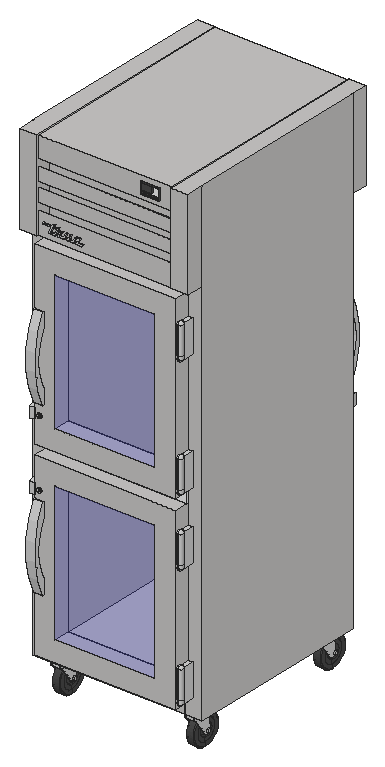
Revit family "QF_TRUE_STG1RPT-2HG-1G-HC", category Specialty Equipment, Revit 2012
Parameters
  Weight in Pounds = 0
  Watts = Volts * FL Amps  # 437 W
  Volts = 115 V
  URL Manufacturer = "www.truemfg.com"
  URL Cutsheet = "www.truemfg.com"
  URL = "www.truemfg.com"
  Type Mark [instance] = ""
  Type Comments = "www.truemfg.com"
  Status [instance] = ""
  Specification by User [instance] = ""
  Specification by Manufacturer = ""
  Show Seismic Flanged [instance] = no
  Show Logo [instance] = yes
  Show Legs [instance] = no
  Show Clearance [instance] = yes
  Serial Number = ""
  Seismic Rating = ""
  Seismic Plate [instance] = and(Show Seismic Flanged, not(Show Casters))  # no
  SMACNA No = ""
  Revision Code [instance] = ""
  Phase = 1
  Omniclass Number and Title = ""
  Number of Poles [instance] = 1
  NAFEM Spec ID Number = ""
  Model = "STG1RPT-2HG-1G-HC"
  Min Ckt Ampacity = 15 A
  Max Overcurrent Protection = 15 A
  MasterSpec. = ""
  Manufacturer = "TRUE FOOD SERVICE EQUIPMENT, INC."
  Length = 27 1/2"
  Legs [instance] = or(Show Legs, Show Seismic Flanged)  # no
  Item Number [instance] = ""
  Installed By [instance] = ""
  Identify Quantity as Lot [instance] = yes
  Height = 77 3/4"
  HP = "1/4"
  Furnished By [instance] = ""
  Foodservice Equipment Identifier [instance] = yes
  FL Amps = 3.8 A
  Electrical Remarks [instance] = ""
  Electric Connection Type [instance] = ""
  Elec Conn RI Height [instance] = 0"
  Elec Conn Connection Height [instance] = 0"
  Description = "PASS-THRU HALF GLASS FRONT/GLASS REAR SWING DOORS REFRIGERATOR WITH HYDROCARBON REFRIGERANT WITH LED LIGHTING"
  Depth = 36 1/8"
  Cycle = 60 Hz
  Conn Plug = "5-15P"
  Conn Conduit = yes
  Show Casters [instance] = and(not(if(Show Legs, Show Legs, Show Legs)), not(if(Show Legs, Show Legs, Show Seismic Flanged)))  # yes
  CSI MasterFormat = ""
  CSI Master Format = ""
  Apparent Power = if(Phase = 3, Volts * FL Amps * 1.73, Volts * FL Amps)  # 437 VA
Reference planes (in)
  plane 1: z = 0
  plane 2 "LEFT": x = 0
  plane 3 "RIGHT": x = 27.5
  plane 4 "FRONT": y = -33.75
  plane 5 "TOP": z = 84.125
  plane 6: z = 6.125
  plane 7: y = -33.7042
  plane 8: y = 2.375
  plane 9: y = -35.40625
  plane 10: y = 4.03125
  plane 11: y = -56.78125
  plane 12: y = 25.40625
Forms (in)
  Extrusion 1, solid, material "QF_Finishes_Stainless Steel"
    sketch origin (0.09687, 0, 0) x (1, 0, 0) y (0, 1, 0)
      loop
        line (-0.09687, -0.375) -> (-0.09687, -31) -> (2.7625, -31) -> (2.7625, -0.375) -> (-0.09687, -0.375)
    from 6.125 to 84.125
  Extrusion 2, solid, material "QF_Finishes_Stainless Steel"
    sketch origin (50.15, 0, 0) x (1, 0, 0) y (0, 1, 0)
      loop
        line (-25.50937, -0.375) -> (-25.50937, -31) -> (-22.65, -31) -> (-22.65, -0.375) -> (-25.50937, -0.375)
    from 6.125 to 84.125
  Extrusion 3, solid, material "QF_Finishes_Stainless Steel"
    sketch origin (0, 0, 0) x (0, 1, 0) y (0, 0, 1)
      loop
        line (-33.5625, 69.5) -> (-31, 69.5) -> (-31, 64.75) -> (-0.375, 64.75) -> (-0.375, 69.5) -> (2.1875, 69.5) -> (2.1875, 73.29302) -> (-0.15841, 71.625) -> (-0.15841, 72.90057) -> (2.1875, 74.56859) -> (2.1875, 76.6648) -> (-0.15841, 74.99678) -> (-0.15841, 75.95754) -> (2.1875, 77.62556) -> (2.1875, 79.75927) -> (-0.15841, 78.09125) -> (-0.15841, 79.21352) -> (2.1875, 80.88154) -> (2.1875, 84.125) -> (-33.5625, 84.125) -> (-33.5625, 80.68002) -> (-31.5, 79.21352) -> (-31.5, 78.09125) -> (-33.5625, 79.55776) -> (-33.5625, 77.42405) -> (-31.5, 75.95754) -> (-31.5, 74.99678) -> (-33.5625, 76.46328) -> (-33.5625, 74.36708) -> (-31.5, 72.90057) -> (-31.5, 71.625) -> (-33.5625, 73.09151) -> (-33.5625, 69.5)
      loop
        line (-31, 6.125) -> (-0.375, 6.125) -> (-0.375, 8.94743) -> (-31, 8.94743) -> (-31, 6.125)
    from 2.85938 to 24.64063
  Extrusion 4, solid, material "QF_Finishes_Stainless Steel"
    sketch origin (0.10531, 0, 0) x (1, 0, 0) y (0, 1, 0)
      loop
        line (27.34782, -31) -> (24.53532, -31) -> (24.53532, -33.75) -> (27.34782, -33.75) -> (27.34782, -31)
    from 69.5 to 84.125
  Extrusion 5, solid, material "QF_Finishes_Stainless Steel"
    sketch origin (-50.19421, 0, 0.25) x (1, 0, 0) y (0, 1, 0)
      loop
        line (53.05359, -31) -> (50.24109, -31) -> (50.24109, -33.75) -> (53.05359, -33.75) -> (53.05359, -31)
    from 69.25 to 83.875
  Extrusion 6, solid, material "QF_Finishes_Handrails and Railings", visible <- "Show Logo"
    sketch origin (0.33478, 1.08173, -6.73143) x (1, 0, 0) y (0, 0, 1)
      loop
        line (3.46044, 78.46231) -> (3.35478, 78.23573) -> (4.76027, 78.23573)
        arc (4.76027, 78.23573) -> (4.78879, 78.18528) -> (4.76027, 78.13484) r 0.05887
        line (4.76027, 78.13484) -> (4.39369, 77.34872)
        arc (4.39369, 77.34872) -> (4.39051, 77.27591) -> (4.43975, 77.22217) r 0.09523
        line (4.43975, 77.22217) -> (5.33844, 77.22217)
        arc (5.33844, 77.22217) -> (5.45192, 77.25795) -> (5.52436, 77.35235) r 0.19785
        line (5.52436, 77.35235) -> (5.81285, 77.97101) -> (6.0779, 77.97101)
        arc (6.0779, 77.97101) -> (6.14744, 77.94543) -> (6.13737, 77.87203) r 0.05911
        line (6.13737, 77.87203) -> (5.89598, 77.35437)
        arc (5.89598, 77.35437) -> (5.89974, 77.2684) -> (5.97231, 77.22217) r 0.09318
        line (5.97231, 77.22217) -> (6.76198, 77.22217)
        arc (6.76198, 77.22217) -> (6.82249, 77.24419) -> (6.85468, 77.29995) r 0.09412
        arc (6.85468, 77.29995) -> (6.87746, 77.24495) -> (6.93246, 77.22217) r 0.07778
        line (6.93246, 77.22217) -> (7.43246, 77.22217)
        arc (7.43246, 77.22217) -> (7.49022, 77.23765) -> (7.53251, 77.27993) r 0.11552
        arc (7.53251, 77.27993) -> (7.55275, 77.23106) -> (7.60162, 77.21081) r 0.06912
        line (7.60162, 77.21081) -> (8.31225, 77.21081)
        arc (8.31225, 77.21081) -> (8.37034, 77.23488) -> (8.39441, 77.29297) r 0.08216
        arc (8.39441, 77.29297) -> (8.44767, 77.23972) -> (8.52042, 77.22022) r 0.14551
        line (8.52042, 77.22022) -> (9.85158, 77.22022) -> (9.99946, 77.47634) -> (8.65678, 77.47634)
        arc (8.65678, 77.47634) -> (8.61972, 77.50204) -> (8.61834, 77.54711) r 0.05009
        line (8.61834, 77.54711) -> (8.64157, 77.59692)
        arc (8.64157, 77.59692) -> (8.67723, 77.64364) -> (8.73327, 77.66135) r 0.09747
        line (8.73327, 77.66135) -> (9.16485, 77.66135)
        arc (9.16485, 77.66135) -> (9.258, 77.68631) -> (9.32619, 77.7545) r 0.1863
        line (9.32619, 77.7545) -> (9.45119, 77.97101)
        arc (9.45119, 77.97101) -> (9.45119, 78.08657) -> (9.35111, 78.14434) r 0.11556
        line (9.35111, 78.14434) -> (8.89562, 78.14434)
        arc (8.89562, 78.14434) -> (8.7795, 78.12462) -> (8.69849, 78.03912) r 0.18605
        line (8.69849, 78.03912) -> (8.48204, 77.57493)
        arc (8.48204, 77.57493) -> (8.41815, 77.49167) -> (8.31806, 77.46011) r 0.1745
        line (8.31806, 77.46011) -> (7.84559, 77.46011)
        arc (7.84559, 77.46011) -> (7.78903, 77.52184) -> (7.79268, 77.60548) r 0.10939
        line (7.79268, 77.60548) -> (8.04395, 78.14434) -> (7.88403, 78.14434) -> (7.61781, 77.57344)
        arc (7.61781, 77.57344) -> (7.56609, 77.50603) -> (7.48505, 77.48048) r 0.14128
        line (7.48505, 77.48048) -> (7.15925, 77.48048)
        arc (7.15925, 77.48048) -> (7.10419, 77.55223) -> (7.116, 77.64189) r 0.11816
        line (7.116, 77.64189) -> (7.3503, 78.14434) -> (7.18514, 78.14434) -> (6.91546, 77.566)
        arc (6.91546, 77.566) -> (6.85285, 77.50339) -> (6.76733, 77.48048) r 0.17104
        line (6.76733, 77.48048) -> (6.29555, 77.48048)
        arc (6.29555, 77.48048) -> (6.21082, 77.51999) -> (6.20267, 77.61313) r 0.0935
        line (6.20267, 77.61313) -> (6.35774, 77.94569) -> (6.57695, 77.94569)
        arc (6.57695, 77.94569) -> (6.61395, 78.05717) -> (6.69267, 78.14434) r 0.2857
        line (6.69267, 78.14434) -> (5.83605, 78.14434)
        arc (5.83605, 78.14434) -> (5.74086, 78.12324) -> (5.67498, 78.05135) r 0.16212
        line (5.67498, 78.05135) -> (5.44279, 77.55341)
        arc (5.44279, 77.55341) -> (5.3894, 77.50002) -> (5.31647, 77.48048) r 0.14586
        line (5.31647, 77.48048) -> (4.80506, 77.48048)
        arc (4.80506, 77.48048) -> (4.76514, 77.53442) -> (4.77274, 77.60109) r 0.09155
        line (4.77274, 77.60109) -> (5.11018, 78.23573) -> (5.96155, 78.23573) -> (6.06721, 78.46231) -> (5.21584, 78.46231) -> (5.32149, 78.68888) -> (5.01862, 78.68888) -> (4.91297, 78.46231) -> (3.46044, 78.46231)
      loop
        arc (8.83805, 77.93863) -> (8.80119, 77.92875) -> (8.7742, 77.90176) r 0.07373
        line (8.7742, 77.90176) -> (8.75229, 77.83436)
        arc (8.75229, 77.83436) -> (8.76245, 77.80983) -> (8.78699, 77.79966) r 0.0347
        line (8.78699, 77.79966) -> (9.15948, 77.79966)
        arc (9.15948, 77.79966) -> (9.18632, 77.80561) -> (9.20812, 77.82234) r 0.0635
        line (9.20812, 77.82234) -> (9.22624, 77.90622)
        arc (9.22624, 77.90622) -> (9.22091, 77.92868) -> (9.20009, 77.93863) r 0.02676
        line (9.20009, 77.93863) -> (8.83805, 77.93863)
    from 34.64423 to 34.83173
  Extrusion 7, solid
    sketch origin (-25.125, 2.60721, 0) x (1, 0, 0) y (0, 0, 1)
      loop
        circle (49.375, 82) r 0.25
    from 0.23221 to 0.125
  Revolve 8, solid, material "QF_Finishes_Black", visible <- "Show Casters"
    sketch origin (22.65625, -27.375, 0) x (1, 0, 0) y (0, 0, 1)
      loop
        line (1.475, 5) -> (1.375, 4.9) -> (1.375, 4.29941) -> (1.53601, 4.29941) -> (1.53601, 3.54941) -> (1.375, 3.54941) -> (1.375, 2.79941) -> (0.975, 2.79941) -> (0.975, 2.5) -> (3.025, 2.5) -> (3.025, 2.79941) -> (2.62908, 2.79941) -> (2.62908, 3.54941) -> (2.46399, 3.54941) -> (2.46399, 4.29941) -> (2.62908, 4.29941) -> (2.62908, 4.89592) -> (2.525, 5) -> (1.475, 5)
      axis (3.025, 2.5) -> (0.975, 2.5)
    angle from 0 to 360
  Extrusion 9, solid, material "QF_Finishes_Handrails and Railings", visible <- "Show Casters"
    sketch origin (22.65625, 0, 0) x (0, 1, 0) y (0, 0, 1)
      loop
        line (-29.95136, 5.48574) -> (-29.95136, 4.88089) -> (-29.70136, 4.88089) -> (-27.95216, 2.18736)
        arc (-27.95216, 2.18736) -> (-27.23883, 1.94868) -> (-26.84581, 2.59003) r 0.60416
        line (-26.84581, 2.59003) -> (-27.20136, 5.48574) -> (-29.95136, 5.48574)
      loop
        line (-4.45145, 5.48574) -> (-4.45145, 4.88089) -> (-4.20145, 4.88089) -> (-2.45225, 2.18736)
        arc (-2.45225, 2.18736) -> (-1.73892, 1.94868) -> (-1.3459, 2.59003) r 0.60416
        line (-1.3459, 2.59003) -> (-1.70145, 5.48574) -> (-4.45145, 5.48574)
    from 1.175 to 1.325
  Extrusion 10, solid, material "QF_Finishes_Handrails and Railings", visible <- "Show Casters"
    sketch origin (24.15625, 0, 0) x (0, 1, 0) y (0, 0, 1)
      loop
        line (-29.95136, 5.48574) -> (-29.95136, 4.88089) -> (-29.70136, 4.88089) -> (-27.95216, 2.18736)
        arc (-27.95216, 2.18736) -> (-27.23883, 1.94868) -> (-26.84581, 2.59003) r 0.60416
        line (-26.84581, 2.59003) -> (-27.20136, 5.48574) -> (-29.95136, 5.48574)
      loop
        line (-4.45145, 5.48574) -> (-4.45145, 4.88089) -> (-4.20145, 4.88089) -> (-2.45225, 2.18736)
        arc (-2.45225, 2.18736) -> (-1.73892, 1.94868) -> (-1.3459, 2.59003) r 0.60416
        line (-1.3459, 2.59003) -> (-1.70145, 5.48574) -> (-4.45145, 5.48574)
    from 1.175 to 1.325
  Revolve 11, solid, material "QF_Finishes_Chrome - Satin", visible <- "Show Casters"
    sketch origin (22.65625, -28.5625, -0.5) x (1, 0, 0) y (0, 0, 1)
      loop
        line (2, 5.99546) -> (2, 6.62359) -> (0.70293, 6.62359) -> (0.70293, 5.99546) -> (2, 5.99546)
      axis (2, 5.99546) -> (2, 6.62359)
    angle from 0 to 360
  Revolve 12, solid, material "QF_Finishes_Chrome - Satin", visible <- "Legs"
    sketch origin (22.65625, -2.69102, 0) x (1, 0, 0) y (0, 0, 1)
      loop
        line (2, 6.125) -> (0.66662, 6.125) -> (1.25, 1) -> (1.5, 1) -> (1.5, 0) -> (2, 0) -> (2, 6.125)
      axis (2, 0) -> (2, 6.125)
    angle from 0 to 360
  Revolve 13, solid, material "QF_Finishes_Chrome - Satin", visible <- "Legs"
    sketch origin (22.65625, -28.5625, 0) x (1, 0, 0) y (0, 0, 1)
      loop
        line (2, 6.125) -> (0.66662, 6.125) -> (1.25, 1) -> (1.5, 1) -> (1.5, 0) -> (2, 0) -> (2, 6.125)
      axis (2, 0) -> (2, 6.125)
    angle from 0 to 360
  Revolve 14, solid, material "QF_Finishes_Chrome - Satin", visible <- "Show Casters"
    sketch origin (22.65625, -2.70321, -0.5) x (1, 0, 0) y (0, 0, 1)
      loop
        line (2, 5.99546) -> (2, 6.62359) -> (0.70293, 6.62359) -> (0.70293, 5.99546) -> (2, 5.99546)
      axis (2, 5.99546) -> (2, 6.62359)
    angle from 0 to 360
  Extrusion 15, solid, material "QF_Finishes_Handrails and Railings", visible <- "Show Casters"
    sketch origin (-25.125, 0, 0) x (0, 1, 0) y (0, 0, 1)
      loop
        line (-29.95136, 5.48574) -> (-29.95136, 4.88089) -> (-29.70136, 4.88089) -> (-27.16533, 5.19227) -> (-27.20136, 5.48574) -> (-29.95136, 5.48574)
      loop
        line (-4.45145, 5.48574) -> (-4.45145, 4.88089) -> (-4.20145, 4.88089) -> (-1.66542, 5.19227) -> (-1.70145, 5.48574) -> (-4.45145, 5.48574)
    from 49.10625 to 50.45625
  Revolve 16, solid, material "QF_Finishes_Black", visible <- "Show Casters"
    sketch origin (0.84375, -27.375, 0) x (1, 0, 0) y (0, 0, 1)
      loop
        line (1.475, 5) -> (1.375, 4.9) -> (1.375, 4.29941) -> (1.53601, 4.29941) -> (1.53601, 3.54941) -> (1.375, 3.54941) -> (1.375, 2.79941) -> (0.975, 2.79941) -> (0.975, 2.5) -> (3.025, 2.5) -> (3.025, 2.79941) -> (2.62908, 2.79941) -> (2.62908, 3.54941) -> (2.46399, 3.54941) -> (2.46399, 4.29941) -> (2.62908, 4.29941) -> (2.62908, 4.89592) -> (2.525, 5) -> (1.475, 5)
      axis (3.025, 2.5) -> (0.975, 2.5)
    angle from 0 to 360
  Extrusion 17, solid, material "QF_Finishes_Handrails and Railings", visible <- "Show Casters"
    sketch origin (0.84375, 0, 0) x (0, 1, 0) y (0, 0, 1)
      loop
        line (-29.95136, 5.48574) -> (-29.95136, 4.88089) -> (-29.70136, 4.88089) -> (-27.95216, 2.18736)
        arc (-27.95216, 2.18736) -> (-27.23883, 1.94868) -> (-26.84581, 2.59003) r 0.60416
        line (-26.84581, 2.59003) -> (-27.20136, 5.48574) -> (-29.95136, 5.48574)
      loop
        line (-4.45145, 5.48574) -> (-4.45145, 4.88089) -> (-4.20145, 4.88089) -> (-2.45225, 2.18736)
        arc (-2.45225, 2.18736) -> (-1.73892, 1.94868) -> (-1.3459, 2.59003) r 0.60416
        line (-1.3459, 2.59003) -> (-1.70145, 5.48574) -> (-4.45145, 5.48574)
    from 1.175 to 1.325
  Extrusion 18, solid, material "QF_Finishes_Handrails and Railings", visible <- "Show Casters"
    sketch origin (2.34375, 0, 0) x (0, 1, 0) y (0, 0, 1)
      loop
        line (-29.95136, 5.48574) -> (-29.95136, 4.88089) -> (-29.70136, 4.88089) -> (-27.95216, 2.18736)
        arc (-27.95216, 2.18736) -> (-27.23883, 1.94868) -> (-26.84581, 2.59003) r 0.60416
        line (-26.84581, 2.59003) -> (-27.20136, 5.48574) -> (-29.95136, 5.48574)
      loop
        line (-4.45145, 5.48574) -> (-4.45145, 4.88089) -> (-4.20145, 4.88089) -> (-2.45225, 2.18736)
        arc (-2.45225, 2.18736) -> (-1.73892, 1.94868) -> (-1.3459, 2.59003) r 0.60416
        line (-1.3459, 2.59003) -> (-1.70145, 5.48574) -> (-4.45145, 5.48574)
    from 1.175 to 1.325
  Revolve 19, solid, material "QF_Finishes_Chrome - Satin", visible <- "Show Casters"
    sketch origin (0.84375, -28.5625, -0.5) x (1, 0, 0) y (0, 0, 1)
      loop
        line (2, 5.99546) -> (2, 6.62359) -> (0.70293, 6.62359) -> (0.70293, 5.99546) -> (2, 5.99546)
      axis (2, 5.99546) -> (2, 6.62359)
    angle from 0 to 360
  Revolve 20, solid, material "QF_Finishes_Chrome - Satin", visible <- "Legs"
    sketch origin (0.84375, -2.69102, 0) x (1, 0, 0) y (0, 0, 1)
      loop
        line (2, 6.125) -> (0.66662, 6.125) -> (1.25, 1) -> (1.5, 1) -> (1.5, 0) -> (2, 0) -> (2, 6.125)
      axis (2, 0) -> (2, 6.125)
    angle from 0 to 360
  Revolve 21, solid, material "QF_Finishes_Chrome - Satin", visible <- "Legs"
    sketch origin (0.84375, -28.5625, 0) x (1, 0, 0) y (0, 0, 1)
      loop
        line (2, 6.125) -> (0.66662, 6.125) -> (1.25, 1) -> (1.5, 1) -> (1.5, 0) -> (2, 0) -> (2, 6.125)
      axis (2, 0) -> (2, 6.125)
    angle from 0 to 360
  Revolve 22, solid, material "QF_Finishes_Chrome - Satin", visible <- "Show Casters"
    sketch origin (0.84375, -2.70321, -0.5) x (1, 0, 0) y (0, 0, 1)
      loop
        line (2, 5.99546) -> (2, 6.62359) -> (0.70293, 6.62359) -> (0.70293, 5.99546) -> (2, 5.99546)
      axis (2, 5.99546) -> (2, 6.62359)
    angle from 0 to 360
  Extrusion 23, solid, material "QF_Finishes_Handrails and Railings", visible <- "Show Casters"
    sketch origin (-46.9375, 0, 0) x (0, 1, 0) y (0, 0, 1)
      loop
        line (-29.95136, 5.48574) -> (-29.95136, 4.88089) -> (-29.70136, 4.88089) -> (-27.16533, 5.19227) -> (-27.20136, 5.48574) -> (-29.95136, 5.48574)
      loop
        line (-4.45145, 5.48574) -> (-4.45145, 4.88089) -> (-4.20145, 4.88089) -> (-1.66542, 5.19227) -> (-1.70145, 5.48574) -> (-4.45145, 5.48574)
    from 49.10625 to 50.45625
  Extrusion 24, solid, material "QF_Finishes_Stainless Steel"
    sketch origin (-25.125, -31.7042, -0.71875) x (1, 0, 0) y (0, 0, -1)
      loop
        line (27.40625, -68.6875) -> (50.34375, -68.6875) -> (50.34375, -8.75) -> (27.40625, -8.75) -> (27.40625, -68.6875)
      loop
        line (47, -12.09375) -> (30.75, -12.09375) -> (30.75, -65.34375) -> (47, -65.34375) -> (47, -12.09375)
    from 31.3292 to 33.8917
  Extrusion 25, solid, material "Glass"
    sketch origin (-25.125, -31.7042, -0.71875) x (1, 0, 0) y (0, 0, -1)
      loop
        line (47, -12.09375) -> (30.75, -12.09375) -> (30.75, -65.34375) -> (47, -65.34375) -> (47, -12.09375)
    from 31.3292 to 33.8917
  Extrusion 26, solid, material "QF_Finishes_Stainless Steel"
    sketch origin (0.10531, -31.3292, 0) x (1, 0, 0) y (0, 1, 0)
      loop
        line (27.34782, 30.9542) -> (27.34782, 33.7042) -> (24.53532, 33.7042) -> (24.53532, 30.9542) -> (27.34782, 30.9542)
    from 69.5 to 84.125
  Extrusion 27, solid, material "QF_Finishes_Stainless Steel"
    sketch origin (-50.19421, -31.3292, 0.25) x (1, 0, 0) y (0, 1, 0)
      loop
        line (53.05359, 30.625) -> (53.05359, 33.7042) -> (50.24109, 33.7042) -> (50.24109, 30.625) -> (53.05359, 30.625)
    from 69.25 to 83.875
  Extrusion 28, solid, material "QF_Finishes_Handrails and Railings"
    sketch origin (1.28125, -31.10979, 0) x (0, -1, 0) y (0, 0, -1)
      loop
        line (-30.73479, -64.55229) -> (-30.73479, -59.23627) -> (-32.875, -59.23627) -> (-32.875, -59.94848) -> (-32.43997, -59.94848) -> (-32.43997, -64.34776)
        arc (-32.43997, -64.34776) -> (-32.38006, -64.49238) -> (-32.23544, -64.55229) r 0.20453
        line (-32.23544, -64.55229) -> (-30.73479, -64.55229)
    from 0.17506 to 1
  Revolve 29, solid, material "QF_Finishes_Handrails and Railings"
    sketch origin (1.78125, -31.10979, 0) x (0, -1, 0) y (0, 0, -1)
      loop
        line (-32.89063, -60.00189) -> (-33.29729, -60.00189) -> (-33.29729, -64.4736)
        arc (-33.29729, -64.4736) -> (-33.16222, -64.72557) -> (-32.89063, -64.81483) r 0.3848
        line (-32.89063, -64.81483) -> (-32.89063, -60.00189)
      loop
        line (-32.89063, -59.94848) -> (-32.89063, -59.04781)
        arc (-32.89063, -59.04781) -> (-33.15764, -59.13383) -> (-33.29729, -59.37712) r 0.38884
        line (-33.29729, -59.37712) -> (-33.29729, -59.94848) -> (-32.89063, -59.94848)
      axis (-32.89063, -59.04781) -> (-32.89063, -64.81483)
    angle from 0 to 360
  Extrusion 30, solid, material "QF_Finishes_Handrails and Railings"
    sketch origin (-0.03125, -31.44079, 0) x (1, 0, 0) y (0, 0, -1)
      loop
        line (1.91491, -64.4736) -> (2.3125, -64.4736) -> (2.3125, -60.00079) -> (1.91491, -60.00079) -> (1.91491, -64.4736)
    from 32.81497 to 33.59495
  Extrusion 31, solid, material "QF_Finishes_Handrails and Railings"
    sketch origin (1.28125, -31.10979, -19.5) x (0, -1, 0) y (0, 0, -1)
      loop
        line (-30.73479, -64.55229) -> (-30.73479, -59.23627) -> (-32.875, -59.23627) -> (-32.875, -59.94848) -> (-32.43997, -59.94848) -> (-32.43997, -64.34776)
        arc (-32.43997, -64.34776) -> (-32.38006, -64.49238) -> (-32.23544, -64.55229) r 0.20453
        line (-32.23544, -64.55229) -> (-30.73479, -64.55229)
    from 0.17506 to 1
  Revolve 32, solid, material "QF_Finishes_Handrails and Railings"
    sketch origin (1.78125, -31.10979, -19.5) x (0, -1, 0) y (0, 0, -1)
      loop
        line (-32.89063, -60.00189) -> (-33.29729, -60.00189) -> (-33.29729, -64.4736)
        arc (-33.29729, -64.4736) -> (-33.16222, -64.72557) -> (-32.89063, -64.81483) r 0.3848
        line (-32.89063, -64.81483) -> (-32.89063, -60.00189)
      loop
        line (-32.89063, -59.94848) -> (-32.89063, -59.04781)
        arc (-32.89063, -59.04781) -> (-33.15764, -59.13383) -> (-33.29729, -59.37712) r 0.38884
        line (-33.29729, -59.37712) -> (-33.29729, -59.94848) -> (-32.89063, -59.94848)
      axis (-32.89063, -59.04781) -> (-32.89063, -64.81483)
    angle from 0 to 360
  Extrusion 33, solid, material "QF_Finishes_Handrails and Railings"
    sketch origin (-0.03125, -31.44079, -19.5) x (1, 0, 0) y (0, 0, -1)
      loop
        line (1.91491, -64.4736) -> (2.3125, -64.4736) -> (2.3125, -60.00189) -> (1.91491, -60.00189) -> (1.91491, -64.4736)
    from 32.81497 to 33.59495
  Extrusion 34, solid, material "QF_Finishes_Handrails and Railings"
    sketch origin (1.28125, -31.10979, -30.5) x (0, -1, 0) y (0, 0, -1)
      loop
        line (-30.73479, -64.55229) -> (-30.73479, -59.23627) -> (-32.875, -59.23627) -> (-32.875, -59.94848) -> (-32.43997, -59.94848) -> (-32.43997, -64.34776)
        arc (-32.43997, -64.34776) -> (-32.38006, -64.49238) -> (-32.23544, -64.55229) r 0.20453
        line (-32.23544, -64.55229) -> (-30.73479, -64.55229)
    from 0.17506 to 1
  Revolve 35, solid, material "QF_Finishes_Handrails and Railings"
    sketch origin (1.78125, -31.10979, -30.5) x (0, -1, 0) y (0, 0, -1)
      loop
        line (-32.89063, -60.00189) -> (-33.29729, -60.00189) -> (-33.29729, -64.4736)
        arc (-33.29729, -64.4736) -> (-33.16222, -64.72557) -> (-32.89063, -64.81483) r 0.3848
        line (-32.89063, -64.81483) -> (-32.89063, -60.00189)
      loop
        line (-32.89063, -59.94848) -> (-32.89063, -59.04781)
        arc (-32.89063, -59.04781) -> (-33.15764, -59.13383) -> (-33.29729, -59.37712) r 0.38884
        line (-33.29729, -59.37712) -> (-33.29729, -59.94848) -> (-32.89063, -59.94848)
      axis (-32.89063, -59.04781) -> (-32.89063, -64.81483)
    angle from 0 to 360
  Extrusion 36, solid, material "QF_Finishes_Handrails and Railings"
    sketch origin (-0.03125, -31.40745, -30.5) x (1, 0, 0) y (0, 0, -1)
      loop
        line (1.91491, -64.4736) -> (2.3125, -64.4736) -> (2.3125, -60.00079) -> (1.91491, -60.00079) -> (1.91491, -64.4736)
    from 32.81497 to 33.59495
  Extrusion 37, solid, material "QF_Finishes_Handrails and Railings"
    sketch origin (1.28125, -31.10979, -50.25) x (0, -1, 0) y (0, 0, -1)
      loop
        line (-30.73479, -64.55229) -> (-30.73479, -59.19743) -> (-32.875, -59.19743) -> (-32.875, -59.94848) -> (-32.43997, -59.94848) -> (-32.43997, -64.34776)
        arc (-32.43997, -64.34776) -> (-32.38006, -64.49238) -> (-32.23544, -64.55229) r 0.20453
        line (-32.23544, -64.55229) -> (-30.73479, -64.55229)
    from 0.17506 to 1
  Revolve 38, solid, material "QF_Finishes_Handrails and Railings"
    sketch origin (1.78125, -31.10979, -50.25) x (0, -1, 0) y (0, 0, -1)
      loop
        line (-32.89063, -60.00189) -> (-33.29729, -60.00189) -> (-33.29729, -64.4736)
        arc (-33.29729, -64.4736) -> (-33.16222, -64.72557) -> (-32.89063, -64.81483) r 0.3848
        line (-32.89063, -64.81483) -> (-32.89063, -60.00189)
      loop
        line (-32.89063, -59.94848) -> (-32.89063, -59.04781)
        arc (-32.89063, -59.04781) -> (-33.15764, -59.13383) -> (-33.29729, -59.37712) r 0.38884
        line (-33.29729, -59.37712) -> (-33.29729, -59.94848) -> (-32.89063, -59.94848)
      axis (-32.89063, -59.04781) -> (-32.89063, -64.81483)
    angle from 0 to 360
  Extrusion 39, solid, material "QF_Finishes_Handrails and Railings"
    sketch origin (-0.03125, -31.42412, -50.25) x (1, 0, 0) y (0, 0, -1)
      loop
        line (1.91491, -64.4736) -> (2.3125, -64.4736) -> (2.3125, -60.00079) -> (1.91491, -60.00079) -> (1.91491, -64.4736)
    from 32.81497 to 33.59495
  Extrusion 40, solid, material "QF_Finishes_Handrails and Railings"
    sketch origin (35.93981, -31.125, 93.525) x (0, -1, 0) y (0, 0, 1)
      loop
        line (-33.3125, -54.15) -> (-33.3125, -51.75487)
        arc (-33.3125, -51.75487) -> (-34.68686, -47.2125) -> (-33.3125, -42.67014) r 8.19361
        line (-33.3125, -42.67014) -> (-33.3125, -40.275) -> (-33.51517, -40.275)
        arc (-33.51517, -40.275) -> (-35.15628, -47.2125) -> (-33.51517, -54.15) r 15.48411
        line (-33.51517, -54.15) -> (-33.3125, -54.15)
    from 10.87731 to 12.37731
  Extrusion 41, solid, material "QF_Finishes_Handrails and Railings"
    sketch origin (50.84375, -31.3125, -2.0625) x (-1, 0, 0) y (0, 0, 1)
      loop
        circle (26.4375, 40.0625) r 0.35
      loop
        line (26.47265, 40.33635) -> (26.41715, 40.33635) -> (26.41715, 39.76895) -> (26.47265, 39.76895) -> (26.47265, 40.33635)
    from 33.5 to 33.5625
  Blend 42, solid, material "QF_Finishes_Handrails and Railings"
    base sketch origin (-0.03125, -31.7042, -0.0625) x (1, 0, 0) y (0, 0, -1)
      loop
        line (25.25, -38.99169) -> (26, -38.99169) -> (26, -37.24169) -> (25.25, -37.24169) -> (25.25, -38.99169)
    top sketch origin (-0.03125, -31.7042, -0.0625) x (1, 0, 0) y (0, 0, -1)
      loop
        line (26.18223, -36.6441) -> (25.25, -36.6441) -> (25.25, -39.42643) -> (26.18223, -39.42643) -> (26.18223, -36.6441)
    from 33.8917 to 31.3292
  Extrusion 43, solid, material "QF_Finishes_Stainless Steel"
    sketch origin (-25.125, 0, -0.8125) x (1, 0, 0) y (0, 0, 1)
      loop
        line (50.34375, 37.96875) -> (27.40625, 37.96875) -> (27.40625, 8.84375) -> (50.34375, 8.84375) -> (50.34375, 37.96875)
      loop
        line (50.34375, 68.78125) -> (27.40625, 68.78125) -> (27.40625, 39.65625) -> (50.34375, 39.65625) -> (50.34375, 68.78125)
      loop
        line (47, 65.4375) -> (30.75, 65.4375) -> (30.75, 43) -> (47, 43) -> (47, 65.4375)
      loop
        line (47, 34.625) -> (30.75, 34.625) -> (30.75, 12.1875) -> (47, 12.1875) -> (47, 34.625)
    from 31 to 33.5625
  Extrusion 44, solid, material "QF_Finishes_Handrails and Railings"
    sketch origin (-8.53356, -0.25, 98.9375) x (0, 1, 0) y (0, 0, 1)
      loop
        line (-33.3125, -53.875) -> (-33.3125, -51.49649)
        arc (-33.3125, -51.49649) -> (-34.64003, -47.075) -> (-33.3125, -42.65351) r 8.0269
        line (-33.3125, -42.65351) -> (-33.3125, -40.275) -> (-33.5247, -40.275)
        arc (-33.5247, -40.275) -> (-35.15626, -47.075) -> (-33.5247, -53.875) r 14.98625
        line (-33.5247, -53.875) -> (-33.3125, -53.875)
    from 10.87731 to 12.37731
  Extrusion 45, solid, material "QF_Finishes_Handrails and Railings"
    sketch origin (-23.34375, 0.10979, 3.15625) x (1, 0, 0) y (0, 0, 1)
      loop
        circle (26.4375, 40.0625) r 0.35
      loop
        line (26.47265, 40.33635) -> (26.41715, 40.33635) -> (26.41715, 39.76895) -> (26.47265, 39.76895) -> (26.47265, 40.33635)
    from 33.67229 to 33.73479
  Blend 46, solid, material "QF_Finishes_Handrails and Railings"
    base sketch origin (27.53125, 0.10979, 5.15625) x (-1, 0, 0) y (0, 0, -1)
      loop
        line (25.25, -38.99169) -> (26, -38.99169) -> (26, -37.24169) -> (25.25, -37.24169) -> (25.25, -38.99169)
    top sketch origin (27.53125, 0.10979, 5.15625) x (-1, 0, 0) y (0, 0, -1)
      loop
        line (26.18223, -36.6441) -> (25.25, -36.6441) -> (25.25, -39.42643) -> (26.18223, -39.42643) -> (26.18223, -36.6441)
    from 33.67229 to 31.10979
  Extrusion 47, solid, material "QF_Finishes_Handrails and Railings"
    sketch origin (26.21875, 0.10979, -0.09375) x (0, 1, 0) y (0, 0, -1)
      loop
        line (-31.10979, -64.55229) -> (-31.10979, -59.23627) -> (-33.25, -59.23627) -> (-33.25, -59.94848) -> (-32.81497, -59.94848) -> (-32.81497, -64.34776)
        arc (-32.81497, -64.34776) -> (-32.75506, -64.49238) -> (-32.61044, -64.55229) r 0.20453
        line (-32.61044, -64.55229) -> (-31.10979, -64.55229)
    from 0.17506 to 1
  Revolve 48, solid, material "QF_Finishes_Handrails and Railings"
    sketch origin (25.71875, 0.10979, -0.09375) x (0, 1, 0) y (0, 0, -1)
      loop
        line (-33.26563, -60.00189) -> (-33.67229, -60.00189) -> (-33.67229, -64.4736)
        arc (-33.67229, -64.4736) -> (-33.53722, -64.72557) -> (-33.26563, -64.81483) r 0.3848
        line (-33.26563, -64.81483) -> (-33.26563, -60.00189)
      loop
        line (-33.26563, -59.94848) -> (-33.26563, -59.04781)
        arc (-33.26563, -59.04781) -> (-33.53264, -59.13383) -> (-33.67229, -59.37712) r 0.38884
        line (-33.67229, -59.37712) -> (-33.67229, -59.94848) -> (-33.26563, -59.94848)
      axis (-33.26563, -59.04781) -> (-33.26563, -64.81483)
    angle from 0 to 360
  Extrusion 49, solid, material "QF_Finishes_Handrails and Railings"
    sketch origin (27.53125, 0.10979, -0.09375) x (-1, 0, 0) y (0, 0, -1)
      loop
        line (1.91491, -64.4736) -> (2.3125, -64.4736) -> (2.3125, -60.00079) -> (1.91491, -60.00079) -> (1.91491, -64.4736)
    from 32.81497 to 33.59495
  Extrusion 50, solid, material "QF_Finishes_Handrails and Railings"
    sketch origin (26.21875, 0.10979, -19.59375) x (0, 1, 0) y (0, 0, -1)
      loop
        line (-31.10979, -64.55229) -> (-31.10979, -59.23627) -> (-33.25, -59.23627) -> (-33.25, -59.94848) -> (-32.81497, -59.94848) -> (-32.81497, -64.34776)
        arc (-32.81497, -64.34776) -> (-32.75506, -64.49238) -> (-32.61044, -64.55229) r 0.20453
        line (-32.61044, -64.55229) -> (-31.10979, -64.55229)
    from 0.17506 to 1
  Revolve 51, solid, material "QF_Finishes_Handrails and Railings"
    sketch origin (25.71875, 0.10979, -19.59375) x (0, 1, 0) y (0, 0, -1)
      loop
        line (-33.26563, -60.00189) -> (-33.67229, -60.00189) -> (-33.67229, -64.4736)
        arc (-33.67229, -64.4736) -> (-33.53722, -64.72557) -> (-33.26563, -64.81483) r 0.3848
        line (-33.26563, -64.81483) -> (-33.26563, -60.00189)
      loop
        line (-33.26563, -59.94848) -> (-33.26563, -59.04781)
        arc (-33.26563, -59.04781) -> (-33.53264, -59.13383) -> (-33.67229, -59.37712) r 0.38884
        line (-33.67229, -59.37712) -> (-33.67229, -59.94848) -> (-33.26563, -59.94848)
      axis (-33.26563, -59.04781) -> (-33.26563, -64.81483)
    angle from 0 to 360
  Extrusion 52, solid, material "QF_Finishes_Handrails and Railings"
    sketch origin (27.53125, 0.10979, -19.59375) x (-1, 0, 0) y (0, 0, -1)
      loop
        line (1.91491, -64.4736) -> (2.3125, -64.4736) -> (2.3125, -60.00079) -> (1.91491, -60.00079) -> (1.91491, -64.4736)
    from 32.81497 to 33.59495
  Extrusion 53, solid, material "QF_Finishes_Handrails and Railings"
    sketch origin (26.21875, 0.10979, -30.59375) x (0, 1, 0) y (0, 0, -1)
      loop
        line (-31.10979, -64.55229) -> (-31.10979, -59.23627) -> (-33.25, -59.23627) -> (-33.25, -59.94848) -> (-32.81497, -59.94848) -> (-32.81497, -64.34776)
        arc (-32.81497, -64.34776) -> (-32.75506, -64.49238) -> (-32.61044, -64.55229) r 0.20453
        line (-32.61044, -64.55229) -> (-31.10979, -64.55229)
    from 0.17506 to 1
  Revolve 54, solid, material "QF_Finishes_Handrails and Railings"
    sketch origin (25.71875, 0.10979, -30.59375) x (0, 1, 0) y (0, 0, -1)
      loop
        line (-33.26563, -60.00189) -> (-33.67229, -60.00189) -> (-33.67229, -64.4736)
        arc (-33.67229, -64.4736) -> (-33.53722, -64.72557) -> (-33.26563, -64.81483) r 0.3848
        line (-33.26563, -64.81483) -> (-33.26563, -60.00189)
      loop
        line (-33.26563, -59.94848) -> (-33.26563, -59.04781)
        arc (-33.26563, -59.04781) -> (-33.53264, -59.13383) -> (-33.67229, -59.37712) r 0.38884
        line (-33.67229, -59.37712) -> (-33.67229, -59.94848) -> (-33.26563, -59.94848)
      axis (-33.26563, -59.04781) -> (-33.26563, -64.81483)
    angle from 0 to 360
  Extrusion 55, solid, material "QF_Finishes_Handrails and Railings"
    sketch origin (27.53125, 0.10979, -30.59375) x (-1, 0, 0) y (0, 0, -1)
      loop
        line (1.91491, -64.4736) -> (2.3125, -64.4736) -> (2.3125, -60.00079) -> (1.91491, -60.00079) -> (1.91491, -64.4736)
    from 32.81497 to 33.59495
  Extrusion 56, solid, material "QF_Finishes_Handrails and Railings"
    sketch origin (26.21875, 0.10979, -50.34375) x (0, 1, 0) y (0, 0, -1)
      loop
        line (-31.10979, -64.55229) -> (-31.10979, -59.29118) -> (-33.25, -59.29118) -> (-33.25, -59.94848) -> (-32.81497, -59.94848) -> (-32.81497, -64.34776)
        arc (-32.81497, -64.34776) -> (-32.75506, -64.49238) -> (-32.61044, -64.55229) r 0.20453
        line (-32.61044, -64.55229) -> (-31.10979, -64.55229)
    from 0.17506 to 1
  Revolve 57, solid, material "QF_Finishes_Handrails and Railings"
    sketch origin (25.71875, 0.10979, -50.34375) x (0, 1, 0) y (0, 0, -1)
      loop
        line (-33.26563, -60.00189) -> (-33.67229, -60.00189) -> (-33.67229, -64.4736)
        arc (-33.67229, -64.4736) -> (-33.53722, -64.72557) -> (-33.26563, -64.81483) r 0.3848
        line (-33.26563, -64.81483) -> (-33.26563, -60.00189)
      loop
        line (-33.26563, -59.94848) -> (-33.26563, -59.04781)
        arc (-33.26563, -59.04781) -> (-33.53264, -59.13383) -> (-33.67229, -59.37712) r 0.38884
        line (-33.67229, -59.37712) -> (-33.67229, -59.94848) -> (-33.26563, -59.94848)
      axis (-33.26563, -59.04781) -> (-33.26563, -64.81483)
    angle from 0 to 360
  Extrusion 58, solid, material "QF_Finishes_Handrails and Railings"
    sketch origin (27.53125, 0.10979, -50.34375) x (-1, 0, 0) y (0, 0, -1)
      loop
        line (1.91491, -64.4736) -> (2.3125, -64.4736) -> (2.3125, -60.00079) -> (1.91491, -60.00079) -> (1.91491, -64.4736)
    from 32.81497 to 33.59495
  Extrusion 59, solid, material "QF_Finishes_Handrails and Railings"
    sketch origin (-23.375, 0.10979, 72.375) x (1, 0, 0) y (0, 0, 1)
      loop
        circle (26.4375, -40.0625) r 0.35
      loop
        line (26.47265, -40.33635) -> (26.47265, -39.76895) -> (26.41715, -39.76895) -> (26.41715, -40.33635) -> (26.47265, -40.33635)
    from 33.67229 to 33.73479
  Blend 60, solid, material "QF_Finishes_Handrails and Railings"
    base sketch origin (27.53125, 0.10979, 70.375) x (-1, 0, 0) y (0, 0, -1)
      loop
        line (25.25, 38.99169) -> (25.25, 37.24169) -> (26, 37.24169) -> (26, 38.99169) -> (25.25, 38.99169)
    top sketch origin (27.53125, 0.10979, 70.375) x (-1, 0, 0) y (0, 0, -1)
      loop
        line (26.18223, 36.6441) -> (26.18223, 39.42643) -> (25.25, 39.42643) -> (25.25, 36.6441) -> (26.18223, 36.6441)
    from 33.67229 to 31.10979
  Extrusion 61, solid, material "QF_Finishes_Chrome - Satin"
    sketch origin (0, 0, -0.09375) x (1, 0, 0) y (0, 0, 1)
      loop
        line (2.28125, 38.9375) -> (2.28125, 37.25) -> (25.21875, 37.25) -> (25.21875, 38.9375) -> (2.28125, 38.9375)
    from 31 to 31.25
  Extrusion 62, solid, material "Glass"
    sketch origin (-25.125, 0, -0.8125) x (1, 0, 0) y (0, 0, 1)
      loop
        line (30.75, 43) -> (47, 43) -> (47, 65.4375) -> (30.75, 65.4375) -> (30.75, 43)
      loop
        line (30.75, 12.1875) -> (47, 12.1875) -> (47, 34.625) -> (30.75, 34.625) -> (30.75, 12.1875)
    from 31 to 33.5625
  Extrusion 63, solid, material "QF_Finishes_White"
    sketch origin (-23.16691, 1.06376, 1.58022) x (1, 0, 0) y (0, 0, 1)
      loop
        line (42.91107, 81.73227) -> (42.91107, 79.98496) -> (45.81732, 79.98496) -> (45.81732, 81.73227) -> (42.91107, 81.73227)
    from 34.62626 to 34.72001
  Extrusion 64, solid, material "QF_Finishes_Black"
    sketch origin (-23.16691, 1.06376, 1.58022) x (1, 0, 0) y (0, 0, 1)
      loop
        line (45.87982, 81.79477) -> (42.84857, 81.79477) -> (42.84857, 79.92246) -> (45.87982, 79.92246) -> (45.87982, 81.79477)
      loop
        spline (43.04857, 80.25372) -> (43.05708, 80.23754) -> (43.08206, 80.22247) -> (43.12179, 80.20952) -> (43.17357, 80.19959) -> (43.23386, 80.19335) -> (43.29857, 80.19122) -> (43.36327, 80.19335) -> (43.42357, 80.19959) -> (43.47534, 80.20952) -> (43.51507, 80.22247) -> (43.54005, 80.23754) -> (43.54857, 80.25372)
        spline (43.54857, 80.25372) -> (43.54005, 80.26989) -> (43.51507, 80.28497) -> (43.47534, 80.29791) -> (43.42357, 80.30784) -> (43.36327, 80.31409) -> (43.29857, 80.31622) -> (43.23386, 80.31409) -> (43.17357, 80.30784) -> (43.12179, 80.29791) -> (43.08206, 80.28497) -> (43.05708, 80.26989) -> (43.04857, 80.25372)
      loop
        spline (43.74458, 80.25372) -> (43.7531, 80.23754) -> (43.77807, 80.22247) -> (43.8178, 80.20952) -> (43.86958, 80.19959) -> (43.92987, 80.19335) -> (43.99458, 80.19122) -> (44.05928, 80.19335) -> (44.11958, 80.19959) -> (44.17136, 80.20952) -> (44.21109, 80.22247) -> (44.23606, 80.23754) -> (44.24458, 80.25372)
        spline (44.24458, 80.25372) -> (44.23606, 80.26989) -> (44.21109, 80.28497) -> (44.17136, 80.29791) -> (44.11958, 80.30784) -> (44.05928, 80.31409) -> (43.99458, 80.31622) -> (43.92987, 80.31409) -> (43.86958, 80.30784) -> (43.8178, 80.29791) -> (43.77807, 80.28497) -> (43.7531, 80.26989) -> (43.74458, 80.25372)
      loop
        spline (44.49458, 80.25372) -> (44.5031, 80.23754) -> (44.52807, 80.22247) -> (44.5678, 80.20952) -> (44.61958, 80.19959) -> (44.67987, 80.19335) -> (44.74458, 80.19122) -> (44.80928, 80.19335) -> (44.86958, 80.19959) -> (44.92136, 80.20952) -> (44.96109, 80.22247) -> (44.98606, 80.23754) -> (44.99458, 80.25372)
        spline (44.99458, 80.25372) -> (44.98606, 80.26989) -> (44.96109, 80.28497) -> (44.92136, 80.29791) -> (44.86958, 80.30784) -> (44.80928, 80.31409) -> (44.74458, 80.31622) -> (44.67987, 80.31409) -> (44.61958, 80.30784) -> (44.5678, 80.29791) -> (44.52807, 80.28497) -> (44.5031, 80.26989) -> (44.49458, 80.25372)
      loop
        line (43.04856, 81.59478) -> (43.04856, 80.59478) -> (44.74808, 80.59478) -> (44.74808, 81.59478) -> (43.04856, 81.59478)
      loop
        line (45.81732, 81.73227) -> (42.91107, 81.73227) -> (42.91107, 79.98496) -> (45.81732, 79.98496) -> (45.81732, 81.73227)
      loop
        spline (45.24458, 80.25372) -> (45.2531, 80.23754) -> (45.27807, 80.22247) -> (45.3178, 80.20952) -> (45.36958, 80.19959) -> (45.42987, 80.19335) -> (45.49458, 80.19122) -> (45.55928, 80.19335) -> (45.61958, 80.19959) -> (45.67136, 80.20952) -> (45.71109, 80.22247) -> (45.73606, 80.23754) -> (45.74458, 80.25372)
        spline (45.74458, 80.25372) -> (45.73606, 80.26989) -> (45.71109, 80.28497) -> (45.67136, 80.29791) -> (45.61958, 80.30784) -> (45.55928, 80.31409) -> (45.49458, 80.31622) -> (45.42987, 80.31409) -> (45.36958, 80.30784) -> (45.3178, 80.29791) -> (45.27807, 80.28497) -> (45.2531, 80.26989) -> (45.24458, 80.25372)
    from 34.62626 to 34.81376
  Revolve 65, solid, material "QF_Finishes_Black", visible <- "Show Casters"
    sketch origin (22.65625, -1.50009, 0) x (1, 0, 0) y (0, 0, 1)
      loop
        line (1.475, 5) -> (1.375, 4.9) -> (1.375, 4.29941) -> (1.53601, 4.29941) -> (1.53601, 3.54941) -> (1.375, 3.54941) -> (1.375, 2.79941) -> (0.975, 2.79941) -> (0.975, 2.5) -> (3.025, 2.5) -> (3.025, 2.79941) -> (2.62908, 2.79941) -> (2.62908, 3.54941) -> (2.46399, 3.54941) -> (2.46399, 4.29941) -> (2.62908, 4.29941) -> (2.62908, 4.89592) -> (2.525, 5) -> (1.475, 5)
      axis (3.025, 2.5) -> (0.975, 2.5)
    angle from 0 to 360
  Revolve 66, solid, material "QF_Finishes_Black", visible <- "Show Casters"
    sketch origin (0.84375, -1.50009, 0) x (1, 0, 0) y (0, 0, 1)
      loop
        line (1.475, 5) -> (1.375, 4.9) -> (1.375, 4.29941) -> (1.53601, 4.29941) -> (1.53601, 3.54941) -> (1.375, 3.54941) -> (1.375, 2.79941) -> (0.975, 2.79941) -> (0.975, 2.5) -> (3.025, 2.5) -> (3.025, 2.79941) -> (2.62908, 2.79941) -> (2.62908, 3.54941) -> (2.46399, 3.54941) -> (2.46399, 4.29941) -> (2.62908, 4.29941) -> (2.62908, 4.89592) -> (2.525, 5) -> (1.475, 5)
      axis (3.025, 2.5) -> (0.975, 2.5)
    angle from 0 to 360
  Extrusion 67, solid, material "QF_Door-Drawer Clearances", visible <- "Show Clearance", detail levels coarse
    sketch origin (26.42841, -3.60924, 0) x (1, 0, 0) y (0, 1, 0)
      loop
        line (-24.14709, 5.79786) -> (-1.20966, 5.79786)
        arc (-1.20966, 5.79786) -> (-7.86474, 22.16221) -> (-24.14709, 29.01549) r 23.06066
        line (-24.14709, 29.01549) -> (-24.14709, 5.79786)
    from 8.03125 to 67.96875
  Extrusion 68, solid, material "QF_Door-Drawer Clearances", visible <- "Show Clearance", detail levels coarse
    sketch origin (26.42841, -3.60924, -30.8125) x (1, 0, 0) y (0, 1, 0)
      loop
        line (-1.20973, -29.95326) -> (-24.14716, -29.95326)
        arc (-24.14716, -29.95326) -> (-17.48395, -46.25475) -> (-1.20973, -52.9843) r 22.86401
        line (-1.20973, -52.9843) -> (-1.20973, -29.95326)
    from 38.84375 to 67.96875
  Extrusion 69, solid, material "QF_Door-Drawer Clearances", visible <- "Show Clearance", detail levels coarse
    sketch origin (26.42841, -3.60924, 0) x (1, 0, 0) y (0, 1, 0)
      loop
        line (-1.20973, -29.95326) -> (-24.14716, -29.95326)
        arc (-24.14716, -29.95326) -> (-17.46442, -46.29063) -> (-1.20973, -53.17201) r 23.15629
        line (-1.20973, -53.17201) -> (-1.20973, -29.95326)
    from 38.84375 to 67.96875
  Extrusion 70, solid, material "QF_Finishes_Chrome - Satin", visible <- "Seismic Plate"
    sketch origin (-0.22541, -26.86834, 0) x (1, 0, 0) y (0, 1, 0)
      loop
        circle (3.06916, -1.69416) r 1.5
    from 0 to 0.25
  Extrusion 71, solid, material "QF_Finishes_Chrome - Satin", visible <- "Seismic Plate"
    sketch origin (-0.22541, -0.99687, 0) x (1, 0, 0) y (0, 1, 0)
      loop
        circle (3.06916, -1.69416) r 1.5
    from 0 to 0.25
  Extrusion 72, solid, material "QF_Finishes_Chrome - Satin", visible <- "Seismic Plate"
    sketch origin (21.49334, -0.99687, 0) x (1, 0, 0) y (0, 1, 0)
      loop
        circle (3.16291, -1.69416) r 1.5
    from 0 to 0.25
  Extrusion 73, solid, material "QF_Finishes_Chrome - Satin", visible <- "Seismic Plate"
    sketch origin (21.49334, -26.86834, 0) x (1, 0, 0) y (0, 1, 0)
      loop
        circle (3.16291, -1.69416) r 1.5
    from 0 to 0.25
  Extrusion 74, solid, material "QF_Finishes_Handrails and Railings"
    sketch origin (-8.53356, -0.25, -22.9375) x (0, 1, 0) y (0, 0, 1)
      loop
        line (-33.3125, 53.875) -> (-33.5247, 53.875)
        arc (-33.5247, 53.875) -> (-35.15626, 47.075) -> (-33.5247, 40.275) r 14.98625
        line (-33.5247, 40.275) -> (-33.3125, 40.275) -> (-33.3125, 42.65351)
        arc (-33.3125, 42.65351) -> (-34.64003, 47.075) -> (-33.3125, 51.49649) r 8.0269
        line (-33.3125, 51.49649) -> (-33.3125, 53.875)
    from 10.87731 to 12.37731
Cuts and joins
  joined: Extrusion 1, Extrusion 2, Extrusion 4, Extrusion 5, Extrusion 26, Extrusion 27
Lines and regions (in)
  symbolic lines
    curve 1: line (0, -0.375, 0) -> (27.5, -0.375, 0)
    curve 2: line (0, -33.75, 0) -> (0, 2.375, 0)
    curve 3: line (27.5, -33.75, 0) -> (0, -33.75, 0)
    curve 4: line (27.5, 2.375, 0) -> (27.5, -33.75, 0)
    curve 5: line (27.5, -31, 0) -> (0, -31, 0)
    curve 23: line (2.34375, -33.75, 0) -> (2.34375, -35.40625, 0)
    curve 24: line (2.34375, -35.40625, 0) -> (3.84375, -35.40625, 0)
    curve 25: line (3.84375, -35.40625, 0) -> (3.84375, -33.9375, 0)
    curve 26: line (23.5625, 2.5625, 0) -> (23.5625, 4.03125, 0)
    curve 27: line (23.5625, 4.03125, 0) -> (25.0625, 4.03125, 0)
    curve 28: line (25.0625, 4.03125, 0) -> (25.0625, 2.375, 0)
    curve 29: line (0, 2.375, 0) -> (27.5, 2.375, 0)
    curve 31: line (3.68957, -33.75, 0) -> (3.68957, -33.9375, 0)
    curve 32: line (3.68957, -33.9375, 0) -> (10.33424, -33.9375, 0)
    curve 33: line (10.33424, -33.9375, 0) -> (10.33424, -33.75, 0)
    curve 34: line (19.68165, -33.75, 0) -> (19.68165, -33.9375, 0)
    curve 35: line (19.68165, -33.9375, 0) -> (22.7129, -33.9375, 0)
    curve 36: line (22.7129, -33.9375, 0) -> (22.7129, -33.75, 0)
    curve 37: line (23.81043, 2.375, 0) -> (23.81043, 2.5625, 0)
    curve 38: line (23.81043, 2.5625, 0) -> (17.16576, 2.5625, 0)
    curve 39: line (17.16576, 2.5625, 0) -> (17.16576, 2.375, 0)
  symbolic lines, style "SpecialityEquipmentHiddenLines", visible <- "Show Casters"
    curve 6: line (3.91409, -24.76035, 0) -> (5.00001, -25.3873, 0)
    curve 7: line (1.41409, -29.09048, 0) -> (3.91409, -24.76035, 0)
    curve 8: line (2.50001, -29.71743, 0) -> (1.41409, -29.09048, 0)
    curve 9: line (5.00001, -25.3873, 0) -> (2.50001, -29.71743, 0)
    curve 10: line (3.91409, -0.76035, 0) -> (5.00001, -1.3873, 0)
    curve 11: line (1.41409, -5.09048, 0) -> (3.91409, -0.76035, 0)
    curve 12: line (2.50001, -5.71743, 0) -> (1.41409, -5.09048, 0)
    curve 13: line (5.00001, -1.3873, 0) -> (2.50001, -5.71743, 0)
    curve 14: line (24.82156, -0.76035, 0) -> (25.90747, -1.3873, 0)
    curve 15: line (22.32156, -5.09048, 0) -> (24.82156, -0.76035, 0)
    curve 16: line (23.40747, -5.71743, 0) -> (22.32156, -5.09048, 0)
    curve 17: line (25.90747, -1.3873, 0) -> (23.40747, -5.71743, 0)
    curve 18: line (24.82156, -24.86443, 0) -> (25.90747, -25.49138, 0)
    curve 19: line (22.32156, -29.19455, 0) -> (24.82156, -24.86443, 0)
    curve 20: line (23.40747, -29.82151, 0) -> (22.32156, -29.19455, 0)
    curve 21: line (25.90747, -25.49138, 0) -> (23.40747, -29.82151, 0)
  symbolic lines, style "QF_Door-Drawer Clearances"
    curve 22: line (25.21868, -33.75, 0) -> (5.35376, -45.21902, 0)
    curve 40: line (2.28132, 2.375, 0) -> (22.14624, 13.84402, 0)
    curve 41: arc (2.28064, -33.75, 0) -> (3.06224, -39.6868, 0) -> (5.35376, -45.21902, 0) r 22.93804
    curve 42: arc (25.21936, 2.375, 0) -> (24.43776, 8.3118, 0) -> (22.14624, 13.84402, 0) r 22.93804
  model lines
    curve 30: line (0, -32.5, 43.32475) -> (0, -32.5625, 43.32475)
Dimensions and locks (in)
  plane 6 to level = 6 1/8"
  plane 5 "TOP" to level = 84 1/8"
  plane 5 "TOP" to plane 6 = 78"
  "Length": plane 2 "LEFT" to plane 3 "RIGHT"
  "Depth": plane 4 "FRONT" to plane 8
  plane 3 "RIGHT" to plane 2 "LEFT" = 27 1/2"
  cut or joined group of Extrusion 1, Extrusion 2, Extrusion 4, Extrusion 5, Extrusion 26, Extrusion 27 to cut or joined group of Extrusion 1, Extrusion 2, Extrusion 4, Extrusion 5, Extrusion 26, Extrusion 27 = 2 13/16"  (x2)
  Extrusion 43 to plane 6 = 1 29/32"
  Extrusion 43 to plane 2 "LEFT" = 2 9/32"
  plane 3 "RIGHT" to Extrusion 43 = 2 9/32"
  Extrusion 3 to Extrusion 43 to Extrusion 43 to Extrusion 43 to Extrusion 43 = 1 17/32", 29 1/8", 1 11/16", 29 1/8"
  cut or joined group of Extrusion 1, Extrusion 2, Extrusion 4, Extrusion 5, Extrusion 26, Extrusion 27 to cut or joined group of Extrusion 1, Extrusion 2, Extrusion 4, Extrusion 5, Extrusion 26, Extrusion 27 = 27 13/32"
  Extrusion 43 to Extrusion 43 = 22 15/16"
  plane 4 "FRONT" to plane 8 = 36 1/8"
  cut or joined group of Extrusion 1, Extrusion 2, Extrusion 4, Extrusion 5, Extrusion 26, Extrusion 27 to cut or joined group of Extrusion 1, Extrusion 2, Extrusion 4, Extrusion 5, Extrusion 26, Extrusion 27 = 30 5/8"  (x2)
  plane 8 to plane 4 "FRONT" = 36 1/8"
  plane 10 to plane 9 = 39 7/16"
  plane 11 to plane 4 "FRONT" = 23 1/32"
  plane 8 to plane 12 = 23 1/32"
  aligned and locked: level to plane 1
  aligned and locked: cut or joined group of Extrusion 1, Extrusion 2, Extrusion 4, Extrusion 5, Extrusion 26, Extrusion 27 to cut or joined group of Extrusion 1, Extrusion 2, Extrusion 4, Extrusion 5, Extrusion 26, Extrusion 27  (x2)
  aligned and locked: Extrusion 3 to cut or joined group of Extrusion 1, Extrusion 2, Extrusion 4, Extrusion 5, Extrusion 26, Extrusion 27  (x2)
Automatic sketch dimensions
  curve 30 to plane 4 "FRONT" = 1 3/16"
  curve 30 to curve 30 = 1/16"
  plane 6 to curve 30 = 37.19975"
  curve 1 to plane 2 "LEFT" = 0"
  plane 4 "FRONT" to curve 41 = 0"
  plane 8 to curve 40 = 0"
  curve 24 to plane 9 = 0"
  curve 27 to plane 10 = 0"
  curve 3 to plane 3 "RIGHT" = 0"
  plane 2 "LEFT" to curve 11 = 1.41409"
  plane 2 "LEFT" to curve 8 = 1.41409"
  plane 2 "LEFT" to curve 41 = 2.28064"
  plane 2 "LEFT" to curve 40 = 2.28132"
  curve 42 to curve 40 = 0"
  curve 41 to curve 23 = 0.06311"
  curve 7 to curve 9 = 1.08591"
  curve 11 to curve 12 = 1.08591"
  curve 23 to curve 31 = 1.34582"
  curve 31 to curve 25 = 0.15418"
  curve 40 to curve 10 = 1.63277"
  plane 2 "LEFT" to curve 7 = 3.91409"
  plane 2 "LEFT" to curve 41 = 5.35376"
  curve 39 to plane 8 = 3/16"
  curve 39 to plane 3 "RIGHT" = 10.33424"
  plane 4 "FRONT" to curve 34 = 3/16"
  curve 40 to plane 3 "RIGHT" = 5.35376"
  curve 16 to plane 3 "RIGHT" = 5.17844"
  curve 20 to plane 3 "RIGHT" = 5.17844"
  curve 34 to curve 36 = 3 1/32"
  curve 15 to curve 17 = 1.08591"
  curve 19 to curve 20 = 1.08591"
  curve 26 to plane 3 "RIGHT" = 3 15/16"
  curve 26 to curve 37 = 0.24793"
  curve 14 to plane 3 "RIGHT" = 2.67844"
  curve 18 to plane 3 "RIGHT" = 2.67844"
  curve 26 to curve 27 = 1 1/2"
  curve 22 to curve 3 = 2.28132"
  curve 41 to curve 22 = 0"
  curve 28 to curve 42 = 0.15686"
  curve 3 to curve 5 = 2 3/4"
  curve 21 to plane 4 "FRONT" = 3.92849"
  curve 5 to curve 8 = 1.28257"
  curve 20 to curve 19 = 0.62695"
  curve 8 to curve 7 = 0.62695"
  plane 8 to curve 12 = 8.09243"
  plane 8 to curve 17 = 8.09243"
  curve 12 to curve 11 = 0.62695"
  curve 16 to curve 16 = 0.62695"
  curve 1 to curve 2 = 2 3/4"
  Extrusion 1 sketch curve to plane 2 "LEFT" = 0"
  plane 2 "LEFT" to Extrusion 1 sketch curve = 2 55/64"
  Extrusion 1 sketch curve to plane 4 "FRONT" = 2 3/4"
  plane 8 to Extrusion 1 sketch curve = 2 3/4"
  Extrusion 2 sketch curve to plane 3 "RIGHT" = 0"
  Extrusion 2 sketch curve to plane 3 "RIGHT" = 2 55/64"
  Extrusion 2 sketch curve to plane 4 "FRONT" = 2 3/4"
  plane 8 to Extrusion 2 sketch curve = 2 3/4"
  Extrusion 3 sketch curve to plane 5 "TOP" = 0"
  plane 7 to Extrusion 3 sketch curve = 0.1417"  (x4)
  plane 7 to Extrusion 3 sketch curve = 2.2042"
  Extrusion 3 sketch curve to Extrusion 3 sketch curve = 0"  (x3)
  Extrusion 3 sketch curve to plane 6 = 0"
  plane 7 to Extrusion 3 sketch curve = 2.7042"
  Extrusion 3 sketch curve to Extrusion 3 sketch curve = 1/2"
  plane 8 to Extrusion 3 sketch curve = 2 3/4"  (x2)
  plane 8 to Extrusion 3 sketch curve = 2.53341"  (x2)
  plane 8 to Extrusion 3 sketch curve = 3/16"  (x4)
  plane 6 to Extrusion 3 sketch curve = 2.82243"
  Extrusion 3 sketch curve to plane 5 "TOP" = 19 3/8"
  Extrusion 3 sketch curve to Extrusion 3 sketch curve = 4 3/4"  (x2)
  Extrusion 3 sketch curve to Extrusion 3 sketch curve = 2 1/8"  (x2)
  Extrusion 3 sketch curve to Extrusion 3 sketch curve = 1.27557"  (x4)
  Extrusion 3 sketch curve to Extrusion 3 sketch curve = 0.19093"
  Extrusion 3 sketch curve to Extrusion 3 sketch curve = 0.39245"
  Extrusion 3 sketch curve to Extrusion 3 sketch curve = 2.0962"  (x4)
  Extrusion 3 sketch curve to Extrusion 3 sketch curve = 0.96076"  (x4)
  Extrusion 3 sketch curve to Extrusion 3 sketch curve = 2.13371"  (x3)
  Extrusion 3 sketch curve to Extrusion 3 sketch curve = 1.12227"  (x4)
  Extrusion 3 sketch curve to Extrusion 3 sketch curve = 0.34424"
  plane 4 "FRONT" to Extrusion 4 sketch curve = 0"
  Extrusion 4 sketch curve to plane 3 "RIGHT" = 2 55/64"
  Extrusion 4 sketch curve to plane 3 "RIGHT" = 3/64"
  Extrusion 4 sketch curve to Extrusion 4 sketch curve = 2 3/4"
  plane 4 "FRONT" to Extrusion 5 sketch curve = 0"
  plane 2 "LEFT" to Extrusion 5 sketch curve = 3/64"
  Extrusion 5 sketch curve to Extrusion 5 sketch curve = 2 13/16"
  Extrusion 5 sketch curve to Extrusion 5 sketch curve = 2 3/4"
  plane 2 "LEFT" to Extrusion 6 sketch curve = 3.68957"
  Extrusion 6 sketch curve to Extrusion 6 sketch curve = 0.10565"  (x5)
  Extrusion 6 sketch curve to Extrusion 6 sketch curve = 1.03891"
  Extrusion 6 sketch curve to Extrusion 6 sketch curve = 0.04606"
  Extrusion 6 sketch curve to Extrusion 6 sketch curve = 0.04025"
  Extrusion 6 sketch curve to Extrusion 6 sketch curve = 0.33624"
  Extrusion 6 sketch curve to Extrusion 6 sketch curve = 0.03034"  (x2)
  Extrusion 6 sketch curve to Extrusion 6 sketch curve = 0.29274"
  Extrusion 6 sketch curve to Extrusion 6 sketch curve = 0.03232"
  Extrusion 6 sketch curve to Extrusion 6 sketch curve = 0.08083"
  Extrusion 6 sketch curve to Extrusion 6 sketch curve = 0.1527"
  Extrusion 6 sketch curve to Extrusion 6 sketch curve = 0.19721"
  Extrusion 6 sketch curve to Extrusion 6 sketch curve = 0.4629"
  Extrusion 6 sketch curve to Extrusion 6 sketch curve = 0.02197"
  Extrusion 6 sketch curve to Extrusion 6 sketch curve = 0.12632"
  Extrusion 6 sketch curve to Extrusion 6 sketch curve = 0.18591"
  Extrusion 6 sketch curve to Extrusion 6 sketch curve = 0.2322"
  Extrusion 6 sketch curve to Extrusion 6 sketch curve = 0.13786"
  Extrusion 6 sketch curve to Extrusion 6 sketch curve = 0.00907"
  Extrusion 6 sketch curve to Extrusion 6 sketch curve = 0.01413"
  Extrusion 6 sketch curve to Extrusion 6 sketch curve = 0.37162"
  Extrusion 6 sketch curve to Extrusion 6 sketch curve = 0.12551"
  Extrusion 6 sketch curve to Extrusion 6 sketch curve = 0.07633"
  Extrusion 6 sketch curve to Extrusion 6 sketch curve = 0.08445"
  Extrusion 6 sketch curve to Extrusion 6 sketch curve = 0.25598"
  Extrusion 6 sketch curve to Extrusion 6 sketch curve = 0.01887"
  Extrusion 6 sketch curve to Extrusion 6 sketch curve = 0.04061"
  Extrusion 6 sketch curve to Extrusion 6 sketch curve = 0.0653"
  Extrusion 6 sketch curve to Extrusion 6 sketch curve = 0.08474"
  Extrusion 6 sketch curve to Extrusion 6 sketch curve = 0.00815"
  Extrusion 6 sketch curve to Extrusion 6 sketch curve = 0.22037"
  Extrusion 6 sketch curve to Extrusion 6 sketch curve = 0.21921"
  Extrusion 6 sketch curve to Extrusion 6 sketch curve = 0.11572"
  Extrusion 6 sketch curve to Extrusion 6 sketch curve = 0.46643"
  Extrusion 6 sketch curve to Extrusion 6 sketch curve = 0.00535"
  Extrusion 6 sketch curve to Extrusion 6 sketch curve = 0.09269"
  Extrusion 6 sketch curve to Extrusion 6 sketch curve = 0.09348"
  Extrusion 6 sketch curve to Extrusion 6 sketch curve = 0.14812"
  Extrusion 6 sketch curve to Extrusion 6 sketch curve = 0.07778"  (x3)
  Extrusion 6 sketch curve to Extrusion 6 sketch curve = 0.20054"
  Extrusion 6 sketch curve to Extrusion 6 sketch curve = 0.04325"
  Extrusion 6 sketch curve to Extrusion 6 sketch curve = 0.32433"
  Extrusion 6 sketch curve to Extrusion 6 sketch curve = 0.10233"  (x2)
  Extrusion 6 sketch curve to Extrusion 6 sketch curve = 0.16515"
